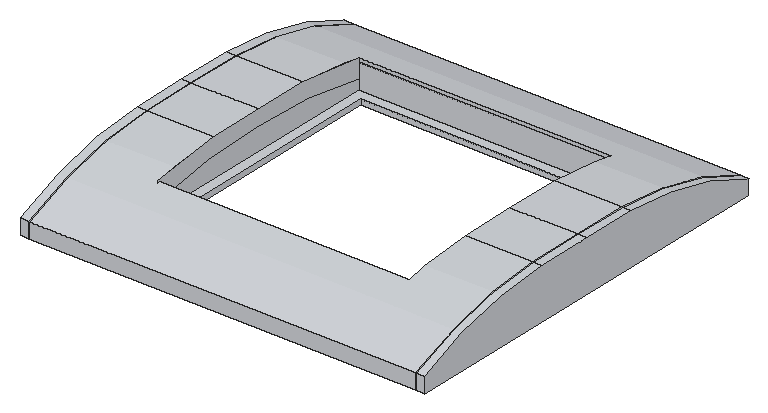
Revit family "Gira_0211331", category Electrical Fixtures, host Face, Revit 2017
Family settings
  Host = Face
  Maintain Annotation Orientation = No
  Round Connector Dimension = Use Diameter
  Part Type = Normal
  Cut with Voids When Loaded = No
  Shared = No
  Room Calculation Point = No
Parameters (values of type "Abdeckrahmen 1f Zwischenr. RW Gira Event Opak Dklbraun")
  Werkstoffgüte = "Thermoplast"
  Werkstoff = "Kunststoff"
  URL = "http://katalog.gira.de/de_DE/datenblatt.html?artikelnr=0211331"
  Transparent = "No"
  Textfeld/Beschriftungsfläche = "No"
  Schutzart (IP) = "IP20"
  Region = "DE"
  Oberfläche = "sonstige"
  Name = "Abdeckrahmen 1f Zwischenr. RW Gira Event Opak Dklbraun"
  Montagerichtung = "horizontal und vertikal"
  Mit Montagerahmen = "No"
  Mit Klappdeckel = "No"
  Manufacturer URL = "https://www.gira.de/"
  Keynote = "Event_Rahmen_1fach"
  HeinzeBIM = "https://bimportal.heinze.de/bim/abdeckrahmen-1f-zwischenr-rw-gira-event-opak-dklbraun/4d9b584808022f1a032c928c1da8a6ef660fa6bc"
  Halogenfrei = "Yes"
  HAN = "0211331"
  Geeignet für Unterputz-Installation = "Yes"
  Geeignet für Unterflurkanaldose = "No"
  Geeignet für Geräteeinbaukanal = "No"
  Geeignet für Einbauinstallation = "No"
  GTIN = "4010337074687"
  Farbe = "braun"
  Default Elevation = 1219.2 mm
  Data sheet (1) = "https://katalog.gira.de/de_DE/download.html?artikelnr=0211331"
  Category = "Abdeckrahmen"
  Befestigungsart = "Klemmbefestigung"
  Available = "Yes"
  Anzahl der Einheiten vertikal = "1 "
  Anzahl der Einheiten horizontal = "1 "
  Anzahl der Einheiten = "1 "
Reference planes
  plane 1 "Center (Front/Back)": y = 0
  plane 2: z = 0
  plane 3 "Center (Left/Right)": x = 0
Forms (mm)
  Extrusion 1, solid, detail levels fine
    sketch origin (0, 0, 1.55) x (0, 1, 0) y (0, 0, 1)
      loop
        arc (12.445, 9.683) -> (6.223, 9.833) -> (0, 9.85) r 291.636
        arc (0, 9.85) -> (-6.223, 9.833) -> (-12.445, 9.683) r 291.636
        arc (-12.445, 9.683) -> (-29.14, 7.482) -> (-45, 1.823) r 79.728
        line (-45, 1.823) -> (-45, -1.55) -> (-41.777, -1.55) -> (-41.777, -0.55)
        arc (-41.777, -0.55) -> (-21.205, 4.846) -> (0, 6.467) r 118.15
        arc (0, 6.467) -> (21.205, 4.846) -> (41.777, -0.55) r 118.15
        line (41.777, -0.55) -> (41.777, -1.55) -> (45, -1.55) -> (45, 1.823)
        arc (45, 1.823) -> (29.14, 7.482) -> (12.445, 9.683) r 79.728
    from -43 to 43
  Extrusion 2, void, detail levels fine
    sketch origin (0, 0, 0) x (1, 0, 0) y (0, 1, 0)
      loop
        line (-28, -28) -> (28, -28) -> (28, 28) -> (-28, 28) -> (-28, -28)
    from 2.85 to 12
  Extrusion 3, solid, detail levels coarse
    sketch origin (0, 0, 0) x (1, 0, 0) y (0, 1, 0)
      loop
        line (-45, 45) -> (-45, -45) -> (45, -45) -> (45, 45) -> (-45, 45)
    from 0 to 11.4
  Extrusion 4, solid, detail levels medium
    sketch origin (0, 0, 1.55) x (0, 1, 0) y (0, 0, 1)
      loop
        arc (12.445, 9.683) -> (6.223, 9.833) -> (0, 9.85) r 291.636
        arc (0, 9.85) -> (-6.223, 9.833) -> (-12.445, 9.683) r 291.636
        arc (-12.445, 9.683) -> (-29.14, 7.482) -> (-45, 1.823) r 79.728
        line (-45, 1.823) -> (-45, -1.55) -> (45, -1.55) -> (45, 1.823)
        arc (45, 1.823) -> (29.14, 7.482) -> (12.445, 9.683) r 79.728
    from -45 to 45
  Extrusion 5, solid, detail levels fine
    sketch origin (0, 0, 0) x (0, 1, 0) y (0, 0, 1)
      loop
        arc (45, 3.373) -> (29.14, 9.032) -> (12.445, 11.233) r 79.728
        arc (12.445, 11.233) -> (6.223, 11.383) -> (0, 11.4) r 291.636
        arc (0, 11.4) -> (-6.223, 11.383) -> (-12.445, 11.233) r 291.636
        arc (-12.445, 11.233) -> (-29.14, 9.032) -> (-45, 3.373) r 79.728
        line (-45, 3.373) -> (-45, 0) -> (45, 0) -> (45, 3.373)
    from 43 to 45
  Extrusion 6, solid, detail levels fine
    sketch origin (0, 0, 0) x (0, 1, 0) y (0, 0, -1)
      loop
        line (45, -3.373) -> (45, 0) -> (-45, 0) -> (-45, -3.373)
        arc (-45, -3.373) -> (-29.14, -9.032) -> (-12.445, -11.233) r 79.728
        arc (-12.445, -11.233) -> (-6.223, -11.383) -> (0, -11.4) r 291.636
        arc (0, -11.4) -> (6.223, -11.383) -> (12.445, -11.233) r 291.636
        arc (12.445, -11.233) -> (29.14, -9.032) -> (45, -3.373) r 79.728
    from 43 to 45
  Extrusion 7, solid, detail levels fine
    sketch origin (0, 0, 0) x (1, 0, 0) y (0, 1, 0)
      loop
        line (-25.7, 25.7) -> (-25.7, -25.7) -> (25.7, -25.7) -> (25.7, 25.7) -> (-25.7, 25.7)
      loop
        line (-29.495, 27.895) -> (-29.495, -27.895)
        spline (-29.495, -27.895) -> (-29.486, -28.025) -> (-29.461, -28.154) -> (-29.419, -28.278) -> (-29.361, -28.395) -> (-29.288, -28.504) -> (-29.202, -28.602) -> (-29.104, -28.688) -> (-28.995, -28.761) -> (-28.878, -28.819) -> (-28.754, -28.861) -> (-28.625, -28.886) -> (-28.495, -28.895)
        line (-28.495, -28.895) -> (28.495, -28.895)
        spline (28.495, -28.895) -> (28.625, -28.886) -> (28.754, -28.861) -> (28.878, -28.819) -> (28.995, -28.761) -> (29.104, -28.688) -> (29.202, -28.602) -> (29.288, -28.504) -> (29.361, -28.395) -> (29.419, -28.278) -> (29.461, -28.154) -> (29.486, -28.025) -> (29.495, -27.895)
        line (29.495, -27.895) -> (29.495, 27.895)
        spline (29.495, 27.895) -> (29.486, 28.025) -> (29.461, 28.154) -> (29.419, 28.278) -> (29.361, 28.395) -> (29.288, 28.504) -> (29.202, 28.602) -> (29.104, 28.688) -> (28.995, 28.761) -> (28.878, 28.819) -> (28.754, 28.861) -> (28.625, 28.886) -> (28.495, 28.895)
        line (28.495, 28.895) -> (-28.495, 28.895)
        spline (-28.495, 28.895) -> (-28.625, 28.886) -> (-28.754, 28.861) -> (-28.878, 28.819) -> (-28.995, 28.761) -> (-29.104, 28.688) -> (-29.202, 28.602) -> (-29.288, 28.504) -> (-29.361, 28.395) -> (-29.419, 28.278) -> (-29.461, 28.154) -> (-29.486, 28.025) -> (-29.495, 27.895)
    from 1.673 to 8.5
Cuts and joins
  Extrusion 2 cuts Extrusion 1
  Extrusion 2 cuts Extrusion 7
Dimensions and locks
  aligned and locked: plane 2 to host face
  aligned and locked: level to host face
